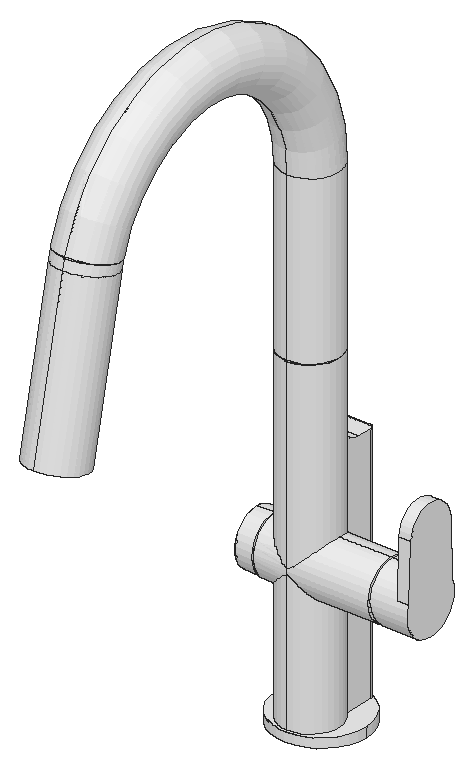
Revit family "xFaucet_Pull_Down-American_Standard-Beale-4931.360", category Plumbing Fixtures, Revit 2014
Parameters (values of type "4931.360")
  Width = 1 1/2"  # constant formula
  Waste Connection = no
  WFU = 2  # constant formula
  Vent Connection = no
  URL = "http://www.americanstandard-us.com"
  Specification = "Single control kitchen pull-down faucet shall feature a dial ring with MeasureFill™ technology, a high arc brass swivel spout with pull-down two-function spray, and metal lever handle. Shall also feature 35 mm washerless ceramic disc valve cartridge and flexible nylon supply hoses."
  Product Page URL = ""
  Product Documentation Link = ""
  Price = "Prices may vary. Please consult Manufacturer Representative for most up-to-date price list."  # constant formula
  Model = "4931.360"  # constant formula
  Material = "Metal-American Standard-002-Polished Chrome"
  Manufacturer = "American Standard"  # constant formula
  Length = 10 1/2"  # constant formula
  Installation Type = "Deck Mounted"  # constant formula
  Height = 17 5/8"  # constant formula
  HWFU = 1.5  # constant formula
  HW Connection = yes
  Flow Rate = "1.5 gpm (5.7L/min)"  # constant formula
  Finish = Metal-American Standard-002-Polished Chrome
  Description = "Beale™ Pull-Down Kitchen Faucet with MeasureFill™ Technology"  # constant formula
  Default Elevation = 0"
  Creation Date = "02/01/2018"  # constant formula
  CWFU = 1.5  # constant formula
  CW Connection = yes
  Assembly Code = "D2020300"
  ADA Compliant = yes
Reference planes (in)
  plane 1 "Center (Front/Back)": y = 0
  plane 2: z = 0
  plane 3 "Center (Left/Right)": x = 0
  plane 4: y = -0.82119
  plane 5: y = 0.68621
  plane 6: y = 1.53349
  plane 7: x = 0.75
  plane 8: x = -0.75
  plane 9: x = 0.5
  plane 10: x = -0.5
  plane 11: z = 6.375
  plane 12: y = -8.25
  plane 13: z = 16.88708
  plane 14: z = 9.625
  plane 15: z = 17.625
  plane 16: y = -8.96651
  plane 17: z = 3.9375
  plane 18: x = 3.12553
  plane 19: x = -1.43697
  plane 20: z = 4.64062
Forms (in)
  Sweep 1, solid, material "Metal-American Standard-002-Polished Chrome" <- "Finish"
    path origin (0, 0, 0) x (0, 1, 0) y (0, 0, 1)
      loop
        line (0, 0) -> (0, 13.18032)
        arc (0, 13.18032) -> (-3.29935, 16.85899) -> (-7.31399, 13.97784) r 3.70048
        line (-7.31399, 13.97784) -> (-8.25, 9.73684)
    profile origin (0, 0, 6.59016) x (0, -1, 0) y (1, 0, 0)
      loop
        circle (0, 0) r 0.75
  Revolve 2, solid, material "Metal-American Standard-002-Polished Chrome" <- "Finish"
    sketch origin (0, 0.35524, -0.4325) x (0, 0.999007, 0.044563) y (0, -0.044563, 0.999007)
      loop
        line (-8.11556, 10.53522) -> (-8.53901, 10.64868) -> (-8.56697, 10.54434) -> (-8.14352, 10.43087) -> (-8.11556, 10.53522)
      axis (-8.14352, 10.43087) -> (-8.11556, 10.53522)
    angle from 0 to 360
  Extrusion 3, solid, material "Metal-American Standard-002-Polished Chrome" <- "Finish"
    sketch origin (0, 0, 0) x (1, 0, 0) y (0, 1, 0)
      loop
        arc (0.49997, 1.33942) -> (0.4779, 1.41033) -> (0.4195, 1.45622) r 0.125
        arc (0.4195, 1.45622) -> (-0.00002, 1.53349) -> (-0.41954, 1.45619) r 1.17734
        arc (-0.41954, 1.45619) -> (-0.47794, 1.41031) -> (-0.5, 1.3394) r 0.125
        line (-0.5, 1.3394) -> (-0.5, 0) -> (0.49997, 0) -> (0.49997, 1.33942)
    from 0 to 6.70466
  Extrusion 4, void
    sketch origin (0, 0, 0) x (0, 1, 0) y (0, 0, 1)
      loop
        arc (1.42753, 6.52882) -> (1.50245, 6.49778) -> (1.53349, 6.42286) r 0.10596
        line (1.53349, 6.42286) -> (1.53349, 6.7556) -> (0.52589, 6.7556)
        arc (0.52589, 6.7556) -> (0.71531, 6.58893) -> (0.96036, 6.52882) r 0.52956
        line (0.96036, 6.52882) -> (1.42753, 6.52882)
    from -0.57062 to 0.62591
  Extrusion 5, solid, material "Metal-American Standard-002-Polished Chrome" <- "Finish"
    sketch origin (6.57867, -6.05598, -0.67648) x (1, 0, 0) y (0, 0.258819, 0.965926)
      loop
        circle (-6.57867, 12.78013) r 0.25
      loop
        line (-6.47355, 12.23241) -> (-6.68379, 12.23241) -> (-6.68379, 10.92674) -> (-6.47355, 10.92674) -> (-6.47355, 12.23241)
    from 4.15938 to 4.41275
  Extrusion 6, solid, material "Metal-American Standard-002-Polished Chrome" <- "Finish"
    sketch origin (0, -0.125, 0) x (0, 1, 0) y (0, 0, 1)
      loop
        line (-6.96646, 11.52967) -> (-7.08354, 11.09273)
        arc (-7.08354, 11.09273) -> (-6.94209, 11.28898) -> (-6.96646, 11.52967) r 0.34089
    from -0.10512 to 0.10512
  Revolve 7, void
    sketch origin (0, -0.125, 0) x (0, 1, 0) y (0, 0, 1)
      loop
        line (-7.82609, 14.42696) -> (-7.92409, 14.45322) -> (-7.9324, 14.4222) -> (-7.8344, 14.39594) -> (-7.82609, 14.42696)
      axis (-7.13155, 14.20761) -> (-7.12136, 14.24564)
    angle from 0 to 360
  Revolve 8, void
    sketch origin (0, 0, 0) x (0, 1, 0) y (0, 0, 1)
      loop
        line (-0.7428, 8.86333) -> (-0.82119, 8.86333) -> (-0.82119, 8.82967) -> (-0.7428, 8.82967) -> (-0.7428, 8.86333)
      axis (0, 8.86333) -> (0, 8.82396)
    angle from 0 to 360
  Revolve 9, solid, material "Metal-American Standard-002-Polished Chrome" <- "Finish"
    sketch origin (0, 0, -0.0625) x (1, 0, 0) y (0, 0, 1)
      loop
        line (-1.43697, 4) -> (3.12553, 4) -> (3.12553, 4.75217) -> (0, 4.75217)
        arc (0, 4.75217) -> (-0.44484, 4.74832) -> (-0.88954, 4.73676) r 25.67507
        line (-0.88954, 4.73676) -> (-0.88954, 4.69275) -> (-0.9248, 4.69275) -> (-0.9248, 4.73062)
        arc (-0.9248, 4.73062) -> (-1.15483, 4.72016) -> (-1.38476, 4.70763) r 25.67507
        arc (-1.38476, 4.70763) -> (-1.40135, 4.69988) -> (-1.4081, 4.68287) r 0.02481
        line (-1.4081, 4.68287) -> (-1.4081, 4.42437)
        arc (-1.4081, 4.42437) -> (-1.4154, 4.35495) -> (-1.43697, 4.28856) r 0.3339
        line (-1.43697, 4.28856) -> (-1.43697, 4)
      axis (-1.43697, 4) -> (3.12553, 4)
    angle from 0 to 360
  Revolve 10, solid, material "Metal-American Standard-002-Polished Chrome" <- "Finish"
    sketch origin (0, 0, -0.0625) x (1, 0, 0) y (0, 0, 1)
      loop
        line (2.04814, 4.60708) -> (2.04814, 4) -> (2.65522, 4)
        arc (2.65522, 4) -> (2.47741, 4.42927) -> (2.04814, 4.60708) r 0.60708
      axis (2.04814, 4) -> (2.65522, 4)
    angle from 0 to 360
  Extrusion 11, void
    sketch origin (0.04687, 0, -0.0625) x (1, 0, 0) y (0, 0, 1)
      loop
        line (2.10469, 4.9375) -> (2.05505, 4.9375) -> (2.05505, 2.93398) -> (2.42097, 2.93398) -> (2.23757, 3.43786)
        arc (2.23757, 3.43786) -> (2.13817, 3.80884) -> (2.10469, 4.19144) r 2.2033
        line (2.10469, 4.19144) -> (2.10469, 4.9375)
    from -0.80335 to 0.82735
  Extrusion 12, solid, material "Metal-American Standard-002-Polished Chrome" <- "Finish"
    sketch origin (0, 0, -0.0625) x (0, 1, 0) y (0, 0, 1)
      loop
        line (-0.7053, 4) -> (0.7053, 4) -> (0.64542, 5.75113)
        arc (0.64542, 5.75113) -> (0, 6.37486) -> (-0.64542, 5.75113) r 0.6458
        line (-0.64542, 5.75113) -> (-0.7053, 4)
    from 2.81952 to 3.12553
  Extrusion 13, solid, material "Metal-American Standard-002-Polished Chrome" <- "Finish"
    sketch origin (0, 0, 0) x (1, 0, 0) y (0, 1, 0)
      loop
        circle (0.00001, 0.35615) r 1.17734
    from 0 to 0.25
  Extrusion 14, solid
    sketch origin (0, 0, 0) x (1, 0, 0) y (0, 1, 0)
      loop
        circle (-0.28125, 0) r 0.1875
      loop
        circle (0.27344, 0) r 0.1875
    from 0 to 0.10512
Cuts and joins
  Revolve 7, Revolve 8 cuts Sweep 1
  Extrusion 4, Revolve 7, Revolve 8 cuts Extrusion 3
  Revolve 7, Revolve 8 cuts Extrusion 5
  Revolve 7, Revolve 8 cuts Extrusion 6
  Extrusion 11 cuts Revolve 9
  joined: Sweep 1, Revolve 2, Extrusion 3, Extrusion 5, Extrusion 6, Revolve 9, Revolve 10, Extrusion 12, Extrusion 13
Lines and regions (in)
  Masking region 1
    outline origin (0, 0, 0) x (1, 0, 0) y (0, 1, 0)
      loop
        line (3.12553, 0.75217) -> (2.17149, 0.75217)
        arc (2.17149, 0.75217) -> (2.1574, 0.74634) -> (2.15157, 0.73225) r 0.01992
        line (2.15157, 0.73225) -> (2.15157, 0.64282) -> (2.10193, 0.65157) -> (2.10193, 0.75217) -> (1.10874, 0.75217)
        arc (1.10874, 0.75217) -> (-0.01677, 1.53337) -> (-1.11956, 0.72042) r 1.17734
        line (-1.11956, 0.72042) -> (-1.38441, 0.70654)
        arc (-1.38441, 0.70654) -> (-1.40095, 0.69891) -> (-1.40769, 0.68201) r 0.02456
        line (-1.40769, 0.68201) -> (-1.40769, 0.42632)
        arc (-1.40769, 0.42632) -> (-1.41498, 0.35588) -> (-1.43697, 0.28856) r 0.33362
        line (-1.43697, 0.28856) -> (-1.43697, -0.28856)
        arc (-1.43697, -0.28856) -> (-1.41498, -0.35588) -> (-1.40769, -0.42632) r 0.33362
        line (-1.40769, -0.42632) -> (-1.40769, -0.68201)
        arc (-1.40769, -0.68201) -> (-1.40095, -0.69891) -> (-1.38441, -0.70654) r 0.02456
        line (-1.38441, -0.70654) -> (-0.9248, -0.73062) -> (-0.9248, -0.69275) -> (-0.88954, -0.69275) -> (-0.88954, -0.73676) -> (-0.75, -0.73676) -> (-0.75, -8.22935)
        arc (-0.75, -8.22935) -> (0, -8.97935) -> (0.75, -8.22935) r 0.75
        line (0.75, -8.22935) -> (0.75, -0.75217) -> (2.10193, -0.75217) -> (2.10193, -0.65157) -> (2.15157, -0.64282) -> (2.15157, -0.73225)
        arc (2.15157, -0.73225) -> (2.1574, -0.74634) -> (2.17149, -0.75217) r 0.01992
        line (2.17149, -0.75217) -> (3.12553, -0.75217) -> (3.12553, 0.75217)
  symbolic lines, detail levels medium+fine
    curve 1: line (-0.5, 1.3394, 0) -> (-0.5, 0.75036, 0)
    curve 2: arc (-0.5, 0.55902, 0) -> (-0.68465, 0.30619, 0) -> (-0.75, 0, 0) r 0.75
    curve 3: line (-0.75, -0.73676, 0) -> (-0.75, 0, 0)
    curve 4: line (1.12439, 0.75217, 0) -> (0.49997, 0.75217, 0)
    curve 5: line (0.49997, 0.55905, 0) -> (0.49997, 0.75217, 0)
    curve 6: arc (0.49997, 1.33942, 0) -> (0.4779, 1.41033, 0) -> (0.4195, 1.45622, 0) r 0.125
    curve 7: arc (-0.5, 1.3394, 0) -> (-0.47781, 1.41033, 0) -> (-0.41965, 1.45661, 0) r 0.12669
    curve 8: line (0.75, -0.75217, 0) -> (0.75, 0, 0)
    curve 9: arc (0.49997, 0.55905, 0) -> (0.68464, 0.30621, 0) -> (0.75, 0, 0) r 0.75
    curve 19: line (-1.11956, 0.72042, 0) -> (-0.9248, 0.73062, 0)
    curve 20: line (-0.9248, 0.73062, 0) -> (-0.9248, 0.69275, 0)
    curve 21: line (-0.9248, 0.69275, 0) -> (-0.88954, 0.69275, 0)
    curve 22: line (-0.88954, 0.69275, 0) -> (-0.88954, 0.73676, 0)
    curve 23: line (-0.88954, 0.73676, 0) -> (-0.5, 0.75036, 0)
    curve 24: line (-0.5, 0.75036, 0) -> (-0.5, 0.55902, 0)
    curve 25: line (0.49997, 0.75217, 0) -> (0.49997, 1.33942, 0)
  symbolic lines, detail levels fine
    curve 10: arc (-0.5, 0.55902, 0) -> (0, 0.75, 0) -> (0.5, 0.55902, 0) r 0.75
    curve 11: line (2.10193, -0.65157, 0) -> (2.10193, 0.65157, 0)
    curve 12: line (2.15157, 0.64282, 0) -> (2.15157, -0.64282, 0)
    curve 13: line (2.81952, 0.75217, 0) -> (2.81952, -0.75217, 0)
    curve 14: arc (-0.75, -7.28626, 0) -> (-0.67241, -7.56662, 0) -> (-0.4912, -7.79418, 0) r 0.72766
    curve 15: arc (-0.4912, -7.79418, 0) -> (-0.32479, -7.90007, 0) -> (-0.1367, -7.95949, 0) r 0.75863
    curve 16: arc (0.75, -7.28626, 0) -> (0.67241, -7.56662, 0) -> (0.4912, -7.79418, 0) r 0.72766
    curve 17: arc (0.4912, -7.79418, 0) -> (0.32479, -7.90007, 0) -> (0.1367, -7.95949, 0) r 0.75863
    curve 18: arc (-0.1367, -7.95949, 0) -> (0, -7.97152, 0) -> (0.1367, -7.95949, 0) r 0.78254
    curve 26: line (-0.9248, -0.69275, 0) -> (-0.9248, 0.69275, 0)
    curve 27: line (-0.88954, -0.69275, 0) -> (-0.88954, 0.69275, 0)
    curve 28: line (-1.40769, -0.42632, 0) -> (-1.40769, 0.42417, 0)
Dimensions and locks (in)
  plane 1 "Center (Front/Back)" to plane 12 = 8 1/4"
  plane 14 to level = 9 5/8"
  plane 6 to plane 16 = 10 1/2"
  plane 15 to level = 17 5/8"
  plane 17 to level = 3 15/16"
  plane 18 to plane 19 = 4 9/16"
Connectors (in)
  piping at (0.27344, 0, 0), diameter 0.375, driven by "CWFU"
    settings: on Extrusion 14, index 1, connector inside diameter 24", connector length 0", flow factor 0, pipe flow 0 GPM, pressure drop 0.00 psi, fitting loss kfactor 0, connector angle 0.00°, fixture units 1.5, engagement length 0", angle of deflection 0.00°, flow configuration 3, flow direction 1, fitting loss method 0, system type 20, joint type 0, gender type 0, connector reference index -1, connector utility 0, adjustable connector no, is connector primary yes, connector description "3/8\" CW Inlet Supply"
  piping at (-0.28125, 0, 0), diameter 0.375, driven by "HWFU"
    settings: on Extrusion 14, index 2, connector inside diameter 24", connector length 0", flow factor 0, pipe flow 0 GPM, pressure drop 0.00 psi, fitting loss kfactor 0, connector angle 0.00°, fixture units 1.5, engagement length 0", angle of deflection 0.00°, flow configuration 3, flow direction 1, fitting loss method 0, system type 19, joint type 0, gender type 0, connector reference index -1, connector utility 0, adjustable connector no, is connector primary no, connector description "3/8\" HW Inlet Supply"
